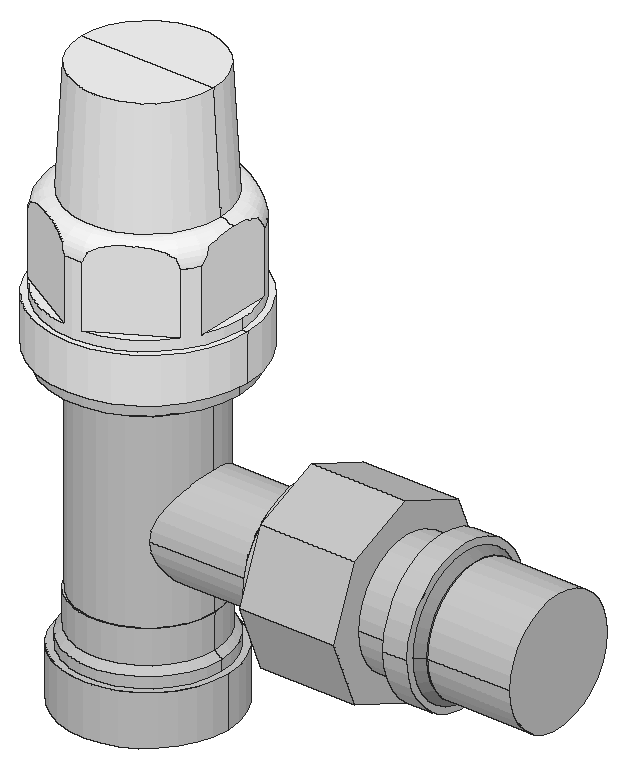
Revit family "PA_Арматура трубопроводов [клапан термостатический угловой, VT.031.NER]1 - VALTEC", category Арматура трубопроводов, Revit 2018
Family settings
  Размер круглого соединителя = Использовать диаметр
  Тип детали = Вставляется
  На основе рабочей плоскости = Нет
  Всегда вертикально = Да
  При загрузке вырезать с полостями = Нет
  Общий = Нет
Parameters (values of type "VT.031.NER")
  Таблица 1 = "PA_Арматура трубопроводов [клапан термостатический угловой, VT.031.NER] - VALTEC - Таблица 1"  # constant formula
  Материал доп.1 = Черный - VALTEC
  Изготовитель = "VALTEC"  # constant formula
  Головка термостатическая [instance] = Колпачок : Колпачок
  d9 [instance] = size_lookup(Таблица 1, "d9", 0 mm, D1)  # 12.6 mm
  d8 [instance] = size_lookup(Таблица 1, "d8", 0 mm, D1)  # 18.6 mm
  d7 [instance] = size_lookup(Таблица 1, "d7", 0 mm, D1)  # 22.5 mm
  b7 [instance] = size_lookup(Таблица 1, "b7", 0 mm, D1)  # 1.7 mm
  a6 [instance] = size_lookup(Таблица 1, "a6", 0 mm, D1)  # 2.1 mm
  a5 [instance] = size_lookup(Таблица 1, "a5", 0 mm, D1)  # 11.7 mm
  MM_Геометрия [instance] = if(Головка термостатическая = [1!!!НЕ ИЗМЕНЯТЬ!!!], MM_1!!!НЕ ИЗМЕНЯТЬ!!!, if(Головка термостатическая = [2!!!НЕ ИЗМЕНЯТЬ!!!], MM_2!!!НЕ ИЗМЕНЯТЬ!!!, if(Головка термостатическая = [3!!!НЕ ИЗМЕНЯТЬ!!!], MM_3!!!НЕ ИЗМЕНЯТЬ!!!, if(Головка термостатическая = [4!!!НЕ ИЗМЕНЯТЬ!!!], MM_4!!!НЕ ИЗМЕНЯТЬ!!!, if(Головка термостатическая = [5!!!НЕ ИЗМЕНЯТЬ!!!], MM_4!!!НЕ ИЗМЕНЯТЬ!!!, if(Головка термостатическая = [6!!!НЕ ИЗМЕНЯТЬ!!!], MM_5!!!НЕ ИЗМЕНЯТЬ!!!, if(Головка термостатическая = [7!!!НЕ ИЗМЕНЯТЬ!!!], MM_6!!!НЕ ИЗМЕНЯТЬ!!!, if(Головка термостатическая = [8!!!НЕ ИЗМЕНЯТЬ!!!], MM_6!!!НЕ ИЗМЕНЯТЬ!!!, if(Головка термостатическая = [9!!!НЕ ИЗМЕНЯТЬ!!!], MM_6!!!НЕ ИЗМЕНЯТЬ!!!, if(Головка термостатическая = [10!!!НЕ ИЗМЕНЯТЬ!!!], MM_6!!!НЕ ИЗМЕНЯТЬ!!!, if(Головка термостатическая = [11!!!НЕ ИЗМЕНЯТЬ!!!], MM_7!!!НЕ ИЗМЕНЯТЬ!!!, if(Головка термостатическая = [12!!!НЕ ИЗМЕНЯТЬ!!!], MM_7!!!НЕ ИЗМЕНЯТЬ!!!, if(Головка термостатическая = [13!!!НЕ ИЗМЕНЯТЬ!!!], MM_7!!!НЕ ИЗМЕНЯТЬ!!!, MM_8!!!НЕ ИЗМЕНЯТЬ!!!)))))))))))))  # MM_Обобщенные модели [колпачок, VT.031.NER] - VALTEC : VT.TE3042.0
  MM_8!!!НЕ ИЗМЕНЯТЬ!!! = MM_Обобщенные модели [колпачок, VT.031.NER] - VALTEC : VT.TE3042.0
  MM_7!!!НЕ ИЗМЕНЯТЬ!!! = MM_Обобщенные модели [сервопривод электрический, VT.TE3042] - VALTEC : VT.TE3042.0
  MM_6!!!НЕ ИЗМЕНЯТЬ!!! = MM_Обобщенные модели [сервопривод электрический, VT.TE3040] - VALTEC : VT.TE3040
  MM_5!!!НЕ ИЗМЕНЯТЬ!!! = MM_Обобщенные модели [cервопривод EQUICALOR, VT.AS1000] - VALTEC : VT.AS1000
  MM_4!!!НЕ ИЗМЕНЯТЬ!!! = MM_Обобщенные модели [головка термостатическая жидкостная, VT.5000.0] - VALTEC : VT.5000.0 - VT.5010.0
  MM_3!!!НЕ ИЗМЕНЯТЬ!!! = MM_Обобщенные модели [головка термостатическая жидкостная, VT.3000.0] - VALTEC : VT.3000.0
  MM_2!!!НЕ ИЗМЕНЯТЬ!!! = MM_Обобщенные модели [головка термостатическая жидкостная, VT.1500.0] - VALTEC : VT.1500.0
  MM_1!!!НЕ ИЗМЕНЯТЬ!!! = MM_Обобщенные модели [головка термостатическая твердотельная, VT.1000.0] - VALTEC : VT.1000.0
  ME_Информация [instance] = if(Головка термостатическая = [1!!!НЕ ИЗМЕНЯТЬ!!!], ME_1!!!НЕ ИЗМЕНЯТЬ!!!, if(Головка термостатическая = [2!!!НЕ ИЗМЕНЯТЬ!!!], ME_2!!!НЕ ИЗМЕНЯТЬ!!!, if(Головка термостатическая = [3!!!НЕ ИЗМЕНЯТЬ!!!], ME_3!!!НЕ ИЗМЕНЯТЬ!!!, if(Головка термостатическая = [4!!!НЕ ИЗМЕНЯТЬ!!!], ME_4!!!НЕ ИЗМЕНЯТЬ!!!, if(Головка термостатическая = [5!!!НЕ ИЗМЕНЯТЬ!!!], ME_5!!!НЕ ИЗМЕНЯТЬ!!!, if(Головка термостатическая = [6!!!НЕ ИЗМЕНЯТЬ!!!], ME_6!!!НЕ ИЗМЕНЯТЬ!!!, if(Головка термостатическая = [7!!!НЕ ИЗМЕНЯТЬ!!!], ME_7!!!НЕ ИЗМЕНЯТЬ!!!, if(Головка термостатическая = [8!!!НЕ ИЗМЕНЯТЬ!!!], ME_8!!!НЕ ИЗМЕНЯТЬ!!!, if(Головка термостатическая = [9!!!НЕ ИЗМЕНЯТЬ!!!], ME_9!!!НЕ ИЗМЕНЯТЬ!!!, if(Головка термостатическая = [10!!!НЕ ИЗМЕНЯТЬ!!!], ME_10!!!НЕ ИЗМЕНЯТЬ!!!, if(Головка термостатическая = [11!!!НЕ ИЗМЕНЯТЬ!!!], ME_11!!!НЕ ИЗМЕНЯТЬ!!!, if(Головка термостатическая = [12!!!НЕ ИЗМЕНЯТЬ!!!], ME_12!!!НЕ ИЗМЕНЯТЬ!!!, if(Головка термостатическая = [13!!!НЕ ИЗМЕНЯТЬ!!!], ME_13!!!НЕ ИЗМЕНЯТЬ!!!, ME_14!!!НЕ ИЗМЕНЯТЬ!!!)))))))))))))  # ME_Оборудование [колпачек] - VALTEC : ME_Оборудование [колпачек] - VALTEC
  ME_9!!!НЕ ИЗМЕНЯТЬ!!! = ME_Оборудование [сервопривод электрический, VT.TE3041.0.024] - VALTEC : ME_Оборудование [сервопривод электрический, VT.TE3041.0.024] - VALTEC
  ME_8!!!НЕ ИЗМЕНЯТЬ!!! = ME_Оборудование [сервопривод электрический, VT.TE3040.A.220] - VALTEC : ME_Оборудование [сервопривод электрический, VT.TE3040.A.220] - VALTEC
  ME_7!!!НЕ ИЗМЕНЯТЬ!!! = ME_Оборудование [сервопривод электрический, VT.TE3040.0.220] - VALTEC : ME_Оборудование [сервопривод электрический, VT.TE3040.0.220] - VALTEC
  ME_6!!!НЕ ИЗМЕНЯТЬ!!! = ME_Оборудование [cервопривод EQUICALOR, VT.AS1000] - VALTEC : ME_Оборудование [cервопривод EQUICALOR, VT.AS1000] - VALTEC
  ME_5!!!НЕ ИЗМЕНЯТЬ!!! = ME_Оборудование [головка термостатическая жидкостная, VT.5010.0] - VALTEC : ME_Оборудование [головка термостатическая жидкостная, VT.5010.0] - VALTEC
  ME_4!!!НЕ ИЗМЕНЯТЬ!!! = ME_Оборудование [головка термостатическая жидкостная, VT.5000.0] - VALTEC : ME_Оборудование [головка термостатическая жидкостная, VT.5000.0] - VALTEC
  ME_3!!!НЕ ИЗМЕНЯТЬ!!! = ME_Оборудование [головка термостатическая жидкостная, VT.3000.0] - VALTEC : ME_Оборудование [головка термостатическая жидкостная, VT.3000.0] - VALTEC
  ME_2!!!НЕ ИЗМЕНЯТЬ!!! = ME_Оборудование [головка термостатическая жидкостная, VT.1500.0] - VALTEC : ME_Оборудование [головка термостатическая жидкостная, VT.1500.0] - VALTEC
  ME_14!!!НЕ ИЗМЕНЯТЬ!!! = ME_Оборудование [колпачек] - VALTEC : ME_Оборудование [колпачек] - VALTEC
  ME_13!!!НЕ ИЗМЕНЯТЬ!!! = ME_Оборудование [сервопривод электрический, VT.TE3042.A.220] - VALTEC : ME_Оборудование [сервопривод электрический, VT.TE3042.A.220] - VALTEC
  ME_12!!!НЕ ИЗМЕНЯТЬ!!! = ME_Оборудование [сервопривод электрический, VT.TE3042.0.220] - VALTEC : ME_Оборудование [сервопривод электрический, VT.TE3042.0.220] - VALTEC
  ME_11!!!НЕ ИЗМЕНЯТЬ!!! = ME_Оборудование [сервопривод электрический, VT.TE3042.0.024] - VALTEC : ME_Оборудование [сервопривод электрический, VT.TE3042.0.024] - VALTEC
  ME_10!!!НЕ ИЗМЕНЯТЬ!!! = ME_Оборудование [сервопривод электрический, VT.TE3041.A.024] - VALTEC : ME_Оборудование [сервопривод электрический, VT.TE3041.A.024] - VALTEC
  ME_1!!!НЕ ИЗМЕНЯТЬ!!! = ME_Оборудование [головка термостатическая твердотельная, VT.1000.0] - VALTEC : ME_Оборудование [головка термостатическая твердотельная, VT.1000.0] - VALTEC
  D2 [instance] = 15 mm
  B [instance] = size_lookup(Таблица 1, "B", 0 mm, D1)  # 71 mm
  b6 [instance] = size_lookup(Таблица 1, "b6", 0 mm, D1)  # 1.9 mm
  b5 [instance] = size_lookup(Таблица 1, "b5", 0 mm, D1)  # 23.5 mm
  b4 [instance] = size_lookup(Таблица 1, "b4", 0 mm, D1)  # 4.1 mm
  b3 [instance] = size_lookup(Таблица 1, "b3", 0 mm, D1)  # 0.8 mm
  b2 [instance] = size_lookup(Таблица 1, "b2", 0 mm, D1)  # 1.3 mm
  d6 [instance] = size_lookup(Таблица 1, "d6", 0 mm, D1)  # 18.2 mm
  d5 [instance] = size_lookup(Таблица 1, "d5", 0 mm, D1)  # 16.6 mm
  d4 [instance] = size_lookup(Таблица 1, "d4", 0 mm, D1)  # 22.9 mm
  d3 [instance] = size_lookup(Таблица 1, "d3", 0 mm, D1)  # 16.3 mm
  d2 [instance] = size_lookup(Таблица 1, "d2", 0 mm, D1)  # 16.7 mm
  d1 [instance] = size_lookup(Таблица 1, "d1", 0 mm, D1)  # 18.3 mm
  D1 [instance] = 20 mm
  b1 [instance] = size_lookup(Таблица 1, "b1", 0 mm, D1)  # 6.2 mm
  a4 [instance] = size_lookup(Таблица 1, "a4", 0 mm, D1)  # 4.4 mm
  a3 [instance] = size_lookup(Таблица 1, "a3", 0 mm, D1)  # 3 mm
  a2 [instance] = size_lookup(Таблица 1, "a2", 0 mm, D1)  # 1.2 mm
  a1 [instance] = size_lookup(Таблица 1, "a1", 0 mm, D1)  # 10.3 mm
  URL = "https://valtec.ru/"
  C [instance] = size_lookup(Таблица 1, "C", 0 mm, D1)  # 49 mm
  ADSK_Расход жидкости [instance] = 0.0 L/s
  ADSK_Примечание [instance] = ""
  ADSK_Потеря давления жидкости [instance] = 0.0 Pa
  ADSK_Позиция [instance] = ""
  ADSK_Обозначение [instance] = "VT.031.NER"  # constant formula
  ADSK_Наименование [instance] = size_lookup(Таблица 1, "", "Данный типоразмер отсутствует", D1)  # "Клапан термостатический угловой с самоуплотняющимся полусгоном и переходом на «евроконус» 3/4\"-1/2\""
  ADSK_Материал = Сталь, нержавеющая - VALTEC
  ADSK_Масса [instance] = 0.224  # constant formula
  ADSK_Марка [instance] = "VT.031.NER"  # constant formula
  ADSK_Код изделия [instance] = "VT.031.NER.04"  # constant formula
  ADSK_Завод-изготовитель [instance] = Изготовитель  # "VALTEC"
  ADSK_Единица измерения [instance] = "шт."  # constant formula
  ADSK_URL страницы изделия = "https://valtec.ru/catalog/radiatornaya_armatura/termostaticheskie_klapany_dlya_radiatorov/klapan_termostaticheskij_uglovoj_s_samouplotnyayushimsya_polusgonom_i_perehodom_na_evrokonus.html"
  ADSK_URL документации изделия = "https://valtec.ru/document/technical/VT.031-032-n-nr-ner-0119.pdf"
  A [instance] = size_lookup(Таблица 1, "A", 0 mm, D1)  # 51 mm
  9!!!НЕ ИЗМЕНЯТЬ!!! = VT.TE3041.0.024 : VT.TE3041.0.024
  8!!!НЕ ИЗМЕНЯТЬ!!! = VT.TE3040.A.220 : VT.TE3040.A.220
  7!!!НЕ ИЗМЕНЯТЬ!!! = VT.TE3040.0.220 : VT.TE3040.0.220
  6!!!НЕ ИЗМЕНЯТЬ!!! = VT.AS1000 : VT.AS1000
  5!!!НЕ ИЗМЕНЯТЬ!!! = VT.5010.0.0 : VT.5010.0.0
  4!!!НЕ ИЗМЕНЯТЬ!!! = VT.5000.0.0 : VT.5000.0.0
  3!!!НЕ ИЗМЕНЯТЬ!!! = VT.3000.0.0 : VT.3000.0.0
  2!!!НЕ ИЗМЕНЯТЬ!!! = VT.1500.0.0 : VT.1500.0.0
  14!!!НЕ ИЗМЕНЯТЬ!!! = Колпачок : Колпачок
  13!!!НЕ ИЗМЕНЯТЬ!!! = VT.TE3042.A.220 : VT.TE3042.A.220
  12!!!НЕ ИЗМЕНЯТЬ!!! = VT.TE3042.0.220 : VT.TE3042.0.220
  11!!!НЕ ИЗМЕНЯТЬ!!! = VT.TE3042.0.024 : VT.TE3042.0.024
  10!!!НЕ ИЗМЕНЯТЬ!!! = VT.TE3041.A.024 : VT.TE3041.A.024
  1!!!НЕ ИЗМЕНЯТЬ!!! = VT.1000.0.0 : VT.1000.0.0
Reference planes
  plane 1 "По центру (Вперед/Назад)": y = 0
  plane 2: z = 0
  plane 3 "По центру (Влево/Вправо)": x = 0
  plane 4: z = 49
  plane 5: z = -22
  plane 6: z = -15.8
  plane 7: z = -14.5
  plane 8: z = -13.7
  plane 9: z = -9.6
  plane 10: z = 13.9
  plane 11: z = 15.8
  plane 12: z = 17.5
  plane 13: x = 51
  plane 14: x = 40.7
  plane 15: x = 39.5
  plane 16: x = 36.5
  plane 17: x = 32.1
  plane 18: x = 20.4
  plane 19: x = 19.2
  plane 20: x = 17.1
Forms (mm)
  Extrusion 1, solid, material "Сталь, нержавеющая - VALTEC" <- "ADSK_Материал", detail levels medium+fine
    sketch origin (0, 0, 0) x (0, 1, 0) y (0, 0, 1)
      loop
        circle (0, 0) r 9.1
    from 36.5 to 39.5
  Extrusion 2, solid, material "Сталь, нержавеющая - VALTEC" <- "ADSK_Материал", detail levels medium+fine
    sketch origin (0, 0, 0) x (0, 1, 0) y (0, 0, 1)
      loop
        circle (0, 0) r 7.5
    from 40.7 to 51
  Blend 3, solid, material "Черный - VALTEC" <- "Материал доп.1", detail levels medium+fine
    base sketch origin (0, 0, 0) x (0, 1, 0) y (0, 0, 1)
      loop
        circle (0, 0) r 7.5
    top sketch origin (0, 0, 0) x (0, 1, 0) y (0, 0, 1)
      loop
        circle (0, 0) r 8.3
    from 40.7 to 39.5
  Extrusion 4, solid, material "Сталь, нержавеющая - VALTEC" <- "ADSK_Материал", detail levels medium+fine
    sketch origin (0, 0, 0) x (0, 1, 0) y (0, 0, 1)
      loop
        circle (0, 0) r 7.5
    from 32.1 to 36.5
  Extrusion 5, solid, material "Сталь, нержавеющая - VALTEC" <- "ADSK_Материал", detail levels medium+fine
    sketch origin (0, 0, 0) x (0, 1, 0) y (0, 0, 1)
      loop
        circle (0, 0) r 9.3
    from 20.4 to 19.2
  Blend 6, solid, material "Сталь, нержавеющая - VALTEC" <- "ADSK_Материал", detail levels medium+fine
    base sketch origin (0, 0, 0) x (0, 1, 0) y (0, 0, 1)
      loop
        circle (0, 0) r 9.3
    top sketch origin (0, 0, 0) x (0, 1, 0) y (0, 0, 1)
      loop
        circle (0, 0) r 6.3
    from 19.2 to 17.1
  Extrusion 7, solid, material "Сталь, нержавеющая - VALTEC" <- "ADSK_Материал", detail levels medium+fine
    sketch origin (0, 0, 0) x (0, 1, 0) y (0, 0, 1)
      loop
        circle (0, 0) r 6.3
    from 17.1 to 0
  Extrusion 8, solid, material "Сталь, нержавеющая - VALTEC" <- "ADSK_Материал", detail levels medium+fine
    sketch origin (0, 0, 0) x (1, 0, 0) y (0, 1, 0)
      loop
        circle (0, 0) r 10
    from -22 to -15.8
  Blend 9, solid, material "Сталь, нержавеющая - VALTEC" <- "ADSK_Материал", detail levels medium+fine
    base sketch origin (0, 0, 0) x (1, 0, 0) y (0, 1, 0)
      loop
        circle (0, 0) r 9.15
    top sketch origin (0, 0, 0) x (1, 0, 0) y (0, 1, 0)
      loop
        circle (0, 0) r 8.35
    from -14.5 to -13.7
  Extrusion 10, solid, material "Сталь, нержавеющая - VALTEC" <- "ADSK_Материал", detail levels medium+fine
    sketch origin (0, 0, 0) x (1, 0, 0) y (0, 1, 0)
      loop
        circle (0, 0) r 8.35
    from -13.7 to -9.6
  Extrusion 11, solid, material "Сталь, нержавеющая - VALTEC" <- "ADSK_Материал", detail levels medium+fine
    sketch origin (0, 0, 0) x (1, 0, 0) y (0, 1, 0)
      loop
        circle (0, 0) r 9.15
    from -15.8 to -14.5
  Extrusion 12, solid, material "Сталь, нержавеющая - VALTEC" <- "ADSK_Материал", detail levels medium+fine
    sketch origin (0, 0, 0) x (1, 0, 0) y (0, 1, 0)
      loop
        circle (0, 0) r 8.15
    from -9.6 to 13.9
  Extrusion 13, solid, material "Сталь, нержавеющая - VALTEC" <- "ADSK_Материал", detail levels medium+fine
    sketch origin (0, 0, 0) x (1, 0, 0) y (0, 1, 0)
      loop
        circle (0, 0) r 11.45
    from 15.8 to 17.5
  Blend 14, solid, material "Сталь, нержавеющая - VALTEC" <- "ADSK_Материал", detail levels medium+fine
    base sketch origin (0, 0, 0) x (1, 0, 0) y (0, 1, 0)
      loop
        circle (0, 0) r 8.15
    top sketch origin (0, 0, 0) x (1, 0, 0) y (0, 1, 0)
      loop
        circle (0, 0) r 11.45
    from 13.9 to 15.8
Cuts and joins
  joined: Extrusion 1, Extrusion 2, Extrusion 4, Extrusion 5, Blend 6, Extrusion 7, Extrusion 8, Blend 9, Extrusion 10, Extrusion 11, Extrusion 12, Extrusion 13, Blend 14
Lines and regions (mm)
  reference lines
    curve 1: line (0, 0, 0) -> (0, 0, -15.8)
    curve 2: line (0, 0, 0) -> (39.5, 0, 0)
  model lines, detail levels coarse
    curve 3: line (-15.2, 0, -22) -> (14.8, 0, -22)
    curve 4: line (14.8, 0, -22) -> (0, 0, 0)
    curve 5: line (0, 0, 0) -> (-15.2, 0, -22)
    curve 6: line (22, 0, 15) -> (22, 0, -15)
    curve 7: line (22, 0, 15) -> (0, 0, 0)
    curve 8: line (22, 0, -15) -> (0, 0, 0)
    curve 9: line (22, 0, 0) -> (39.5, 0, 0)
    curve 10: line (0, 0, 0) -> (0, 0, 48.8)
    curve 11: line (0, 0, 0) -> (-10, 0, 17.321)
    curve 12: line (0, 0, 0) -> (10, 0, 17.321)
  symbolic lines, detail levels coarse
    curve 13: line (-15, -22, 0) -> (15, -22, 0)
    curve 14: line (22, -15, 0) -> (22, 15, 0)
    curve 15: line (0, 0, 0) -> (0, 48.8, 0)
    curve 16: line (-15, -22, 0) -> (0, 0, 0)
    curve 17: line (15, -22, 0) -> (0, 0, 0)
    curve 18: line (0, 0, 0) -> (22, 15, 0)
    curve 19: line (22, -15, 0) -> (0, 0, 0)
    curve 20: line (22, 0, 0) -> (39.5, 0, 0)
    curve 21: line (0, 0, 0) -> (-10, 17.321, 0)
    curve 22: line (0, 0, 0) -> (10, 17.321, 0)
Dimensions and locks
  "C": plane 4 to plane 2
  "B": plane 4 to plane 5
  "b1": plane 6 to plane 5
  "b2": plane 7 to plane 6
  "b3": plane 8 to plane 7
  "b4": plane 9 to plane 8
  "b5": plane 10 to plane 9
  "b6": plane 11 to plane 10
  "b7": plane 12 to plane 11
  "A": plane 3 "По центру (Влево/Вправо)" to plane 13
  "a1": plane 14 to plane 13
  "a2": plane 15 to plane 14
  "a3": plane 16 to plane 15
  "a4": plane 17 to plane 16
  "a5": plane 18 to plane 17
  "a2": plane 19 to plane 18
  "a6": plane 20 to plane 19
  "d6": diameter of Extrusion 1 sketch curve
  "D2": diameter of Extrusion 2 sketch curve
  "D2": diameter of Blend 3 sketch curve
  "d5": diameter of Blend 3 sketch curve
  "D2": diameter of Extrusion 4 sketch curve
  "d8": diameter of Extrusion 5 sketch curve
  "d8": diameter of Blend 6 sketch curve
  "d9": diameter of Blend 6 sketch curve
  "d9": diameter of Extrusion 7 sketch curve
  "D1": diameter of Extrusion 8 sketch curve
  "d1": diameter of Blend 9 sketch curve
  "d2": diameter of Blend 9 sketch curve
  "d2": diameter of Extrusion 10 sketch curve
  "d1": diameter of Extrusion 11 sketch curve
  "d3": diameter of Extrusion 12 sketch curve
  "d4": diameter of Extrusion 13 sketch curve
  "d3": diameter of Blend 14 sketch curve
  "d4": diameter of Blend 14 sketch curve
  aligned and locked: level to plane 2
  aligned and locked: level to Extrusion 1 sketch curve
  aligned and locked: plane 1 "По центру (Вперед/Назад)" to Extrusion 1 sketch curve
  aligned and locked: level to Extrusion 2 sketch curve
  aligned and locked: plane 1 "По центру (Вперед/Назад)" to Extrusion 2 sketch curve
  aligned and locked: plane 1 "По центру (Вперед/Назад)" to Blend 3 sketch curve  (x2)
  aligned and locked: level to Blend 3 sketch curve  (x2)
  aligned and locked: level to Extrusion 4 sketch curve
  aligned and locked: plane 1 "По центру (Вперед/Назад)" to Extrusion 4 sketch curve
  aligned and locked: plane 1 "По центру (Вперед/Назад)" to Extrusion 5 sketch curve
  aligned and locked: level to Extrusion 5 sketch curve
  aligned and locked: level to Blend 6 sketch curve  (x2)
  aligned and locked: plane 1 "По центру (Вперед/Назад)" to Blend 6 sketch curve  (x2)
  aligned and locked: level to Extrusion 7 sketch curve
  aligned and locked: plane 1 "По центру (Вперед/Назад)" to Extrusion 7 sketch curve
  aligned and locked: plane 1 "По центру (Вперед/Назад)" to Extrusion 8 sketch curve
  aligned and locked: plane 3 "По центру (Влево/Вправо)" to Extrusion 8 sketch curve
  aligned and locked: plane 1 "По центру (Вперед/Назад)" to Blend 9 sketch curve  (x2)
  aligned and locked: plane 3 "По центру (Влево/Вправо)" to Blend 9 sketch curve  (x2)
  aligned and locked: plane 3 "По центру (Влево/Вправо)" to Extrusion 10 sketch curve
  aligned and locked: plane 1 "По центру (Вперед/Назад)" to Extrusion 10 sketch curve
  aligned and locked: nested 1 to level
  aligned and locked: plane 3 "По центру (Влево/Вправо)" to Extrusion 7
  aligned and locked: plane 6 to Extrusion 8
  aligned and locked: Extrusion 8 to plane 5
  aligned and locked: plane 1 "По центру (Вперед/Назад)" to nested 1
  aligned and locked: plane 9 to Extrusion 10
  aligned and locked: Extrusion 10 to plane 8
  aligned and locked: plane 8 to Blend 9
  aligned and locked: Blend 9 to plane 7
  aligned and locked: plane 1 "По центру (Вперед/Назад)" to Extrusion 11 sketch curve
  aligned and locked: plane 3 "По центру (Влево/Вправо)" to Extrusion 11 sketch curve
  aligned and locked: Extrusion 11 to plane 6
  aligned and locked: plane 7 to Extrusion 11
  aligned and locked: plane 1 "По центру (Вперед/Назад)" to Extrusion 12 sketch curve
  aligned and locked: plane 3 "По центру (Влево/Вправо)" to Extrusion 12 sketch curve
  aligned and locked: plane 10 to Extrusion 12
  aligned and locked: plane 1 "По центру (Вперед/Назад)" to Extrusion 13 sketch curve
  aligned and locked: plane 3 "По центру (Влево/Вправо)" to Extrusion 13 sketch curve
  aligned and locked: plane 1 "По центру (Вперед/Назад)" to Blend 14 sketch curve  (x2)
  aligned and locked: plane 3 "По центру (Влево/Вправо)" to Blend 14 sketch curve  (x2)
  aligned and locked: Blend 14 to plane 10
  aligned and locked: plane 11 to Blend 14
  aligned and locked: Extrusion 13 to plane 11
  aligned and locked: plane 12 to Extrusion 13
  aligned and locked: Extrusion 12 to plane 9
  aligned and locked: Extrusion 2 to plane 13
  aligned and locked: Blend 3 to plane 15
  aligned and locked: Blend 3 to cut or joined group 1 (Extrusion 1, Extrusion 2, Extrusion 4, Extrusion 5, Blend 6, Extrusion 7, Extrusion 8, Blend 9, Extrusion 10, Extrusion 11, Extrusion 12, Extrusion 13, Blend 14)
  aligned and locked: Extrusion 1 to Blend 3
  aligned and locked: plane 16 to Extrusion 1
  aligned and locked: Extrusion 4 to Extrusion 1
  aligned and locked: plane 18 to nested 1
  aligned and locked: cut or joined group 1 to plane 18
  aligned and locked: plane 19 to cut or joined group 1
  aligned and locked: cut or joined group 1 to plane 19
  aligned and locked: plane 20 to cut or joined group 1
  aligned and locked: cut or joined group 1 to plane 20
  aligned and locked: plane 3 "По центру (Влево/Вправо)" to curve 2
  aligned and locked: level to curve 1
  aligned and locked: plane 6 to curve 1
  aligned and locked: plane 15 to curve 2
  aligned and locked: plane 15 to curve 9
  aligned and locked: curve 9 to level
  aligned and locked: plane 1 "По центру (Вперед/Назад)" to nested 3
  aligned and locked: nested 3 to plane 3 "По центру (Влево/Вправо)"
  aligned and locked: nested 2 to plane 1 "По центру (Вперед/Назад)"
  aligned and locked: plane 3 "По центру (Влево/Вправо)" to nested 2
  aligned and locked: plane 12 to nested 2
Automatic sketch dimensions
  curve 5 to plane 5 = 0 mm
  curve 5 to level = 0 mm
  curve 5 to plane 3 "По центру (Влево/Вправо)" = 0 mm
  curve 3 to plane 3 "По центру (Влево/Вправо)" = 15.2 mm
  plane 20 to curve 4 = 2.3 mm
  curve 6 to plane 7 = 0.5 mm
  curve 6 to plane 18 = 1.6 mm
  curve 7 to plane 11 = 0.8 mm
  curve 11 to plane 12 = 0.179 mm
  curve 11 to plane 3 "По центру (Влево/Вправо)" = 10 mm
  curve 12 to plane 12 = 0.179 mm
  plane 20 to curve 12 = 7.1 mm
  curve 10 to plane 4 = 0.2 mm
  plane 1 "По центру (Вперед/Назад)" to curve 15 = 0 mm
  curve 15 to plane 3 "По центру (Влево/Вправо)" = 0 mm
  plane 1 "По центру (Вперед/Назад)" to curve 20 = 0 mm
  curve 20 to plane 15 = 0 mm
  curve 13 to plane 3 "По центру (Влево/Вправо)" = 15 mm
  plane 20 to curve 17 = 2.1 mm
  curve 18 to plane 18 = 1.6 mm
  plane 1 "По центру (Вперед/Назад)" to curve 19 = 15 mm
  plane 1 "По центру (Вперед/Назад)" to curve 16 = 22 mm
  curve 21 to plane 3 "По центру (Влево/Вправо)" = 10 mm
  plane 20 to curve 22 = 7.1 mm
  curve 21 to plane 1 "По центру (Вперед/Назад)" = 17.321 mm
  curve 14 to curve 22 = 2.321 mm
  curve 22 to curve 15 = 31.479 mm
Nested families
  nested 1: "Гайка - горизонталь" at (26.25, 0, 0), d3 <- "d7", B <- "a5", ADSK_Материал <- "ADSK_Материал", type "Гайка - горизонталь", detail levels medium+fine
    with hr 20.787 mm, d3 22.5 mm, B 11.7 mm, ADSK_Материал Сталь, нержавеющая - VALTEC
  nested 2: "MM_Обобщенные модели [колпачок, VT.031.NER] - VALTEC" at (0, 0, 17.5), type <- "MM_Геометрия", type "VT.TE3042.0", detail levels medium+fine
  nested 3: "ME_Оборудование [колпачек] - VALTEC" at (0, 0, 0), type <- "ME_Информация", type "ME_Оборудование [колпачек] - VALTEC", detail levels medium
    with ADSK_Примечание "", ADSK_Позиция "", ADSK_Обозначение "VT.1000.0", ADSK_Наименование "Головка термостатическая твердотельная ", ADSK_Масса 0, ADSK_Код изделия "VT.1000.0.0", ADSK_Завод-изготовитель "VALTEC", ADSK_Единица измерения "шт."
Connectors
  piping at (0, 0, -15.8), diameter 20, driven by "D1", driven by "ADSK_Расход жидкости", driven by "ADSK_Потеря давления жидкости"
    settings: on curve 1, index 1, connector inside diameter 609.6 mm, connector length 0 mm, flow factor 0, pipe flow 0.0 L/s, pressure drop 0.0 Pa, fitting loss kfactor 0, connector angle 0.00°, fixture units 0, engagement length 0 mm, angle of deflection 0.00°, flow configuration 0, flow direction 1, fitting loss method 4, system type 7, joint type 0, gender type 0, connector reference index 2, connector utility 0, adjustable connector no, is connector primary yes, connector description ""
  piping at (39.5, 0, 0), diameter 15, driven by "D2", driven by "ADSK_Расход жидкости", driven by "ADSK_Потеря давления жидкости"
    settings: on curve 9, index 2, connector inside diameter 609.6 mm, connector length 0 mm, flow factor 0, pipe flow 0.0 L/s, pressure drop 0.0 Pa, fitting loss kfactor 0, connector angle 0.00°, fixture units 0, engagement length 0 mm, angle of deflection 0.00°, flow configuration 0, flow direction 2, fitting loss method 0, system type 7, joint type 0, gender type 0, connector reference index 1, connector utility 0, adjustable connector no, is connector primary no, connector description ""
Definition of nested family "Гайка - горизонталь"
  Parameters (values of type "Гайка - горизонталь")
    hr [instance] = d3 / 2 * cos(180.00° / 8) * 2  # 588.881 mm
    d3 [instance] = 637.4 mm
    B [instance] = 637.4 mm
    ADSK_Материал [instance] = none
  Reference planes
    plane 1 "По центру (Вперед/Назад)": y = 0
    plane 2: z = 0
    plane 3 "По центру (Влево/Вправо)": x = 0
    plane 4: y = 318.7
    plane 5: y = -318.7
    plane 6: through (0, -912.519, 2972.425) normal (0, -0.9239, -0.3827)
    plane 7: through (0, -1234.338, 2979.956) normal (0, -0.9239, -0.3827)
    plane 8: through (0, -1556.157, 2987.486) normal (0, -0.9239, -0.3827)
    plane 9: through (0, 1234.338, 2979.956) normal (0, -0.9239, 0.3827)
    plane 10: through (0, -2420.114, 1321.144) normal (0, -0.3827, -0.9239)
    plane 11: through (0, -2532.792, 1049.117) normal (0, -0.3827, -0.9239)
    plane 12: through (0, -2645.469, 777.089) normal (0, -0.3827, -0.9239)
    plane 13: through (0, 2420.114, 1321.144) normal (0, -0.3827, 0.9239)
    plane 14: through (0, 2532.792, 1049.117) normal (0, -0.3827, 0.9239)
    plane 15: through (0, 2645.469, 777.089) normal (0, -0.3827, 0.9239)
    plane 16: through (0, 912.519, 2972.425) normal (0, -0.9239, 0.3827)
    plane 17: through (0, 1234.338, 2979.956) normal (0, -0.9239, 0.3827)
    plane 18: through (0, 1556.157, 2987.486) normal (0, -0.9239, 0.3827)
    plane 19: x = 318.7
    plane 20: x = -318.7
  Forms (mm)
    Extrusion 1, solid, material <- "ADSK_Материал"
      sketch origin (0, 0, 0) x (0, 1, 0) y (0, 0, 1)
        loop
          line (0, 318.7) -> (-225.355, 225.355) -> (-318.7, 0) -> (-225.355, -225.355) -> (0, -318.7) -> (225.355, -225.355) -> (318.7, 0) -> (225.355, 225.355) -> (0, 318.7)
      from -318.7 to 318.7
  Dimensions and locks
    equal spacing: plane 4, plane 1 "По центру (Вперед/Назад)", plane 5
    "d3": plane 4 to plane 5
    equal spacing: plane 8, plane 7, plane 6
    "hr": plane 8 to plane 6
    equal spacing: plane 12, plane 11, plane 10
    "hr": plane 12 to plane 10
    equal spacing: plane 15, plane 14, plane 13
    "hr": plane 15 to plane 13
    equal spacing: plane 18, plane 17, plane 16
    "hr": plane 18 to plane 16
    equal spacing: plane 20, plane 3 "По центру (Влево/Вправо)", plane 19
    "B": plane 20 to plane 19
    aligned and locked: level to plane 2
    aligned and locked: plane 10 to Extrusion 1 sketch curve
    aligned and locked: plane 13 to Extrusion 1 sketch curve
    aligned and locked: plane 16 to Extrusion 1 sketch curve
    aligned and locked: Extrusion 1 sketch curve to plane 8
    aligned and locked: Extrusion 1 sketch curve to plane 12
    aligned and locked: Extrusion 1 sketch curve to plane 15
    aligned and locked: Extrusion 1 sketch curve to plane 18
    aligned and locked: plane 6 to Extrusion 1 sketch curve
    aligned and locked: plane 19 to Extrusion 1
    aligned and locked: plane 20 to Extrusion 1
    aligned and locked: Extrusion 1 to plane 19
Definition of nested family "MM_Обобщенные модели [колпачок, VT.031.NER] - VALTEC"
  Parameters (values of type "VT.TE3042.0")
    Manufacturer = ""
    URL = ""
    ADSK_Материал = none
  Reference planes
    plane 1 "По центру (Вперед/Назад)": y = 0
    plane 2: z = 0
    plane 3 "По центру (Влево/Вправо)": x = 0
    plane 4: z = 31.3
    plane 5: y = 5.5
    plane 6: y = -5.5
    plane 7: x = -12.45
    plane 8: z = 5.6
    plane 9: z = 17.2
    plane 10: x = -11.65
    plane 11: x = -9.05
    plane 12: x = -8.25
    plane 13: x = 12.45
    plane 14: x = 11.65
    plane 15: x = 9.05
    plane 16: x = 8.25
    plane 17: z = 6.832
  Forms (mm)
    Revolve 1, solid, material <- "ADSK_Материал"
      sketch origin (0, 0, 0) x (1, 0, 0) y (0, 0, 1)
        loop
          line (-8.25, 31.3) -> (-9.05, 17.2)
          arc (-9.05, 17.2) -> (-10.937, 16.382) -> (-11.65, 14.452) r 2.617
          line (-11.65, 14.452) -> (-11.65, 5.6) -> (-12.45, 5.6) -> (-12.45, 0) -> (0, 0) -> (0, 31.3) -> (-8.25, 31.3)
        axis (0, 31.3) -> (0, 0)
      angle from 0 to 360
    Extrusion 2, void
      sketch origin (0, 0, 0) x (1, 0, 0) y (0, 1, 0)
        loop
          line (-12.45, 5.5) -> (-12.45, -5.5) -> (-10.583, -5.5) -> (-10.583, 5.5) -> (-12.45, 5.5)
      from 6.832 to 17.2
    Extrusion 3, void
      sketch origin (0, 0, 0) x (0.5, -0.866025, 0) y (0.866025, 0.5, 0)
        loop
          line (-12.45, 5.5) -> (-12.45, -5.5) -> (-10.583, -5.5) -> (-10.583, 5.5) -> (-12.45, 5.5)
      from 6.832 to 17.2
    Extrusion 4, void
      sketch origin (0, 0, 0) x (-0.5, -0.866025, 0) y (0.866025, -0.5, 0)
        loop
          line (-12.45, 5.5) -> (-12.45, -5.5) -> (-10.583, -5.5) -> (-10.583, 5.5) -> (-12.45, 5.5)
      from 6.832 to 17.2
    Extrusion 5, void
      sketch origin (0, 0, 0) x (-1, 0, 0) y (0, -1, 0)
        loop
          line (-12.45, 5.5) -> (-12.45, -5.5) -> (-10.583, -5.5) -> (-10.583, 5.5) -> (-12.45, 5.5)
      from 6.832 to 17.2
    Extrusion 6, void
      sketch origin (0, 0, 0) x (-0.5, 0.866025, 0) y (-0.866025, -0.5, 0)
        loop
          line (-12.45, 5.5) -> (-12.45, -5.5) -> (-10.583, -5.5) -> (-10.583, 5.5) -> (-12.45, 5.5)
      from 6.832 to 17.2
    Extrusion 7, void
      sketch origin (0, 0, 0) x (0.5, 0.866025, 0) y (-0.866025, 0.5, 0)
        loop
          line (-12.45, 5.5) -> (-12.45, -5.5) -> (-10.583, -5.5) -> (-10.583, 5.5) -> (-12.45, 5.5)
      from 6.832 to 17.2
  Cuts and joins
    Extrusion 2, Extrusion 3, Extrusion 4, Extrusion 5, Extrusion 6, Extrusion 7 cuts Revolve 1
  Lines and regions (mm)
    reference lines
      curve 1: line (0, 0, 0) -> (0, 0, 25)
      curve 2: line (0, -12.5, 0) -> (0, 12.5, 0)
      curve 3: line (12.5, 0, 0) -> (-12.5, 0, 0)
  Dimensions and locks
    locked: plane 4 to plane 2 at 31.3
    plane 6 to plane 1 "По центру (Вперед/Назад)" to plane 5 = 5.5 mm locked, 5.5 mm locked
    locked: plane 8 to plane 2 at 5.6
    locked: plane 9 to plane 8 at 11.6
    plane 13 to plane 14 to plane 15 to plane 16 to plane 3 "По центру (Влево/Вправо)" to plane 12 to plane 11 to plane 10 to plane 7 = 0.8 mm locked, 2.6 mm locked, 0.8 mm locked, 8.25 mm locked, 8.25 mm locked, 0.8 mm locked, 2.6 mm locked, 0.8 mm locked
    locked: plane 17 to plane 8 at 1.232
    aligned and locked: level to plane 2
    aligned and locked: Revolve 1 sketch curve to plane 8
    aligned and locked: plane 10 to Revolve 1 sketch curve
    aligned and locked: plane 7 to Revolve 1 sketch curve
    aligned and locked: level to Revolve 1 sketch curve
    aligned and locked: Revolve 1 sketch curve to plane 3 "По центру (Влево/Вправо)"  (x2)
    aligned and locked: plane 12 to Revolve 1 sketch curve
    aligned and locked: Revolve 1 sketch curve to plane 4
    aligned and locked: Extrusion 2 to plane 17
Definition of nested family "ME_Оборудование [колпачек] - VALTEC"
  Parameters (values of type "ME_Оборудование [колпачек] - VALTEC")
    Manufacturer = "VALTEC"  # constant formula
    URL = "https://valtec.ru/"
    D = 10 mm  # constant formula
    ADSK_Примечание [instance] = ""
    ADSK_Позиция [instance] = ""
    ADSK_Обозначение [instance] = "VT.1000.0"
    ADSK_Наименование [instance] = "Головка термостатическая твердотельная "
    ADSK_Материал = none
    ADSK_Масса [instance] = 0
    ADSK_Код изделия [instance] = "VT.1000.0.0"
    ADSK_Завод-изготовитель [instance] = "VALTEC"  # constant formula
    ADSK_Единица измерения [instance] = "шт."  # constant formula
    ADSK_URL страницы изделия = "https://valtec.ru/catalog/elementy_avtomatiki/termogolovki_i_privody/golovka_termostaticheskaya_tverdotelnaya_vt10000.html"
    ADSK_URL документации изделия = "https://valtec.ru/document/technical/VT.1000-0916.pdf"
  Reference planes
    plane 1 "По центру (Вперед/Назад)": y = 0
    plane 2: z = 0
    plane 3 "По центру (Влево/Вправо)": x = 0
  Forms (mm)
    Revolve 1, solid, material <- "ADSK_Материал"
      sketch origin (0, 0, 0) x (1, 0, 0) y (0, 1, 0)
        loop
          line (0, -5) -> (0, 5)
          arc (0, 5) -> (-5, 0) -> (0, -5) r 5
        axis (0, 5) -> (0, -5)
      angle from 0 to 360
  Lines and regions (mm)
    reference lines
      curve 1: line (0, 5, 0) -> (0, -5, 0)
      curve 2: line (-5, 0, 0) -> (5, 0, 0)
      curve 3: line (0, 0, 5) -> (0, 0, -5)
  Dimensions and locks
    equal spacing: curve 1, plane 1 "По центру (Вперед/Назад)", curve 1
    "D": curve 1 to curve 1
    equal spacing: curve 2, plane 3 "По центру (Влево/Вправо)", curve 2
    "D": curve 2 to curve 2
    equal spacing: curve 3, level, curve 3
    "D": curve 3 to curve 3
    "D": diameter of Revolve 1 sketch curve
    aligned and locked: level to plane 2
    aligned and locked: curve 1 to plane 3 "По центру (Влево/Вправо)"
    aligned and locked: Revolve 1 sketch curve to plane 3 "По центру (Влево/Вправо)"  (x2)
    aligned and locked: plane 1 "По центру (Вперед/Назад)" to curve 2
    aligned and locked: curve 3 to plane 3 "По центру (Влево/Вправо)"
  Automatic sketch dimensions
    plane 1 "По центру (Вперед/Назад)" to Revolve 1 sketch curve = 0 mm
    Revolve 1 sketch curve to Revolve 1 sketch curve = 1995 mm  (x2)
